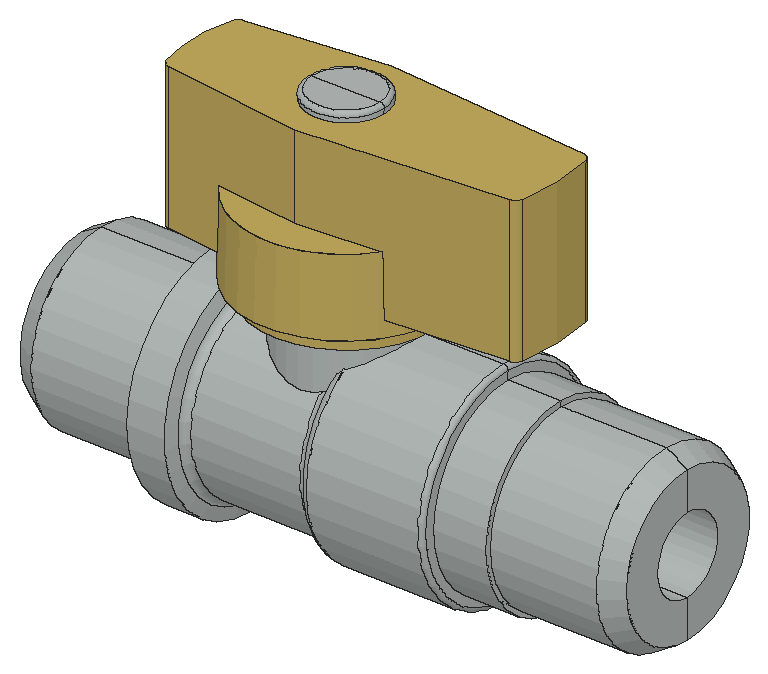
Revit family "QP21210000", category Apparecchi idraulici, Revit 2020
Family settings
  Quota connettore circolare = Usa diametro
  Tipo di parte = Normale
  Numero OmniClass = 23.45.00.00
  Titolo OmniClass = Sanitary, Laundry, and Cleaning Equipment
  Basato su piano di lavoro = No
  Sempre verticale = Sì
  Taglio con vuoti quando caricato = No
  Condiviso = No
  Punto di calcolo locali = No
Parameters
  URL = "https://web.cimberio.com/index.php/figura/134?subcategoria_id="
  Temperatura di esercizio = "-20 ÷ 60°C"
  Prospetto di default = 0 mm
  Produttore = "CIMBERIO SPA"
  Pressione nominale = "MOP 5"
  Modello = "Cim 171"
  Materiale = "Prodotto in lega di ottone conforme alla norma EN 12165-CW617N-DW"
  Descrizione = "Utilizzato nell’impiantistica distributiva di gas a bassa pressione per le categorie:\r\nGas naturali: gas derivati dal petrolio (Metano) e gas di ricambio.\r\nGas di città: prodotti secondo i diversi procedimenti (Cracking - Cokerie - ecc.).\r\nGas liquidi: propano e miscele di gas propano/butano."
  DN Model [instance] = QP21212102 : QP21212102
  DN [instance] = 15 mm
  Commenti sul tipo = "Realizzato in ottemperanza ai requisiti gestionali della norma EN ISO 9001.\r\nCollaudato al 100% secondo la normativa EN 12266-1"
Reference planes
  plane 1 "Centro (Fronte/Retro)": y = 0
  plane 2: z = 0
  plane 3 "Centro (Sinistra/Destra)": x = 0
Dimensions and locks
  aligned and locked: level to plane 2
Nested families
  nested 1: "QP21212102" at (0, 0, 0), type <- "DN Model", type "QP21212102"
  nested 2: "QP21212102" at (0, 0, 0), type <- "DN Model", type "QP21212102"
Connectors
  piping at (40.067, 0, 0), diameter 15, driven by "DN"
    settings: on nested 1, index 1, connector inside diameter 609.6 mm, connector length 0 mm, flow factor 0, pipe flow 0.0 L/s, pressure drop 0.0 Pa, fitting loss kfactor 0, connector angle 0.00°, fixture units 0, engagement length 0 mm, angle of deflection 0.00°, flow configuration 0, flow direction 0, fitting loss method 0, system type 7, joint type 0, gender type 0, connector reference index -1, connector utility 0, adjustable connector no, is connector primary yes, connector description ""
  piping at (-31.233, 0, 0), diameter 15, driven by "DN"
    settings: on nested 1, index 2, connector inside diameter 609.6 mm, connector length 0 mm, flow factor 0, pipe flow 0.0 L/s, pressure drop 0.0 Pa, fitting loss kfactor 0, connector angle 0.00°, fixture units 0, engagement length 0 mm, angle of deflection 0.00°, flow configuration 0, flow direction 0, fitting loss method 0, system type 7, joint type 0, gender type 0, connector reference index -1, connector utility 0, adjustable connector no, is connector primary no, connector description ""
Definition of nested family "QP21212102"
  Parameters (values of type "QP21212102")
    URL = ""
    Default Elevation = 0 mm
    Manufacturer = ""
    Model = ""
    Description = ""
    Type Comments = ""
  Reference planes
    plane 1 "Centro (Fronte/Retro)": y = 0
    plane 2: z = 0
    plane 3 "Centro (Sinistra/Destra)": x = 0
  Forms (mm)
    Revolve 1, solid
      sketch origin (0.744, 0, 1.406) x (1, 0, 0) y (0, 0, 1)
        loop
          line (11.146, 13.716) -> (10.988, 22.789) -> (-0.448, 22.789) -> (-0.448, 11.85) -> (9.552, 11.85) -> (9.552, 12.795) -> (11.146, 13.716)
        axis (-0.754, 11.85) -> (-0.754, 22.789)
      angle from 0 to 360
    Revolve 2, solid
      sketch origin (0.751, 0, 1.446) x (1, 0, 0) y (0, 0, 1)
        loop
          arc (3.746, 33.15) -> (3.6, 33.504) -> (3.246, 33.65) r 0.5
          line (3.246, 33.65) -> (-0.754, 33.65) -> (-0.754, 31.443) -> (3.746, 31.443) -> (3.746, 33.15)
        axis (-0.754, 33.65) -> (-0.754, 31.443)
      angle from 0 to 360
    Extrusion 3, solid
      sketch origin (1.758, 0, 1.45) x (1, 0, 0) y (0, 1, 0)
        loop
          arc (-19.114, 4.772) -> (-19.758, -0.042) -> (-19.091, -4.852) r 18
          arc (-19.091, -4.852) -> (-18.778, -5.343) -> (-18.244, -5.576) r 1
          line (-18.244, -5.576) -> (-1.755, -7.5) -> (21.908, -5.5)
          arc (21.908, -5.5) -> (22.493, -5.247) -> (22.806, -4.691) r 1
          arc (22.806, -4.691) -> (23.25, 0) -> (22.806, 4.691) r 25
          arc (22.806, 4.691) -> (22.489, 5.25) -> (21.897, 5.501) r 1
          line (21.897, 5.501) -> (-2.38, 7.425) -> (-18.27, 5.5)
          arc (-18.27, 5.5) -> (-18.802, 5.265) -> (-19.114, 4.772) r 1
      from 15.62 to 32.65
    Revolve 4, solid
      sketch origin (1.758, 0, 0) x (1, 0, 0) y (0, 0, 1)
        loop
          line (-0.754, 4.83) -> (7.416, 4.83) -> (7.416, 16.081) -> (-0.754, 16.081) -> (-0.754, 4.83)
        axis (-0.754, 16.081) -> (-0.754, 4.83)
      angle from 0 to 360
    Revolve 5, solid
      sketch origin (0, 0, 0) x (1, 0, 0) y (0, 0, 1)
        loop
          arc (18.459, -12.494) -> (18.88, -12.396) -> (19.067, -12.006) r 0.5
          line (19.067, -12.006) -> (18.995, -11.006) -> (25.323, -11.006) -> (25.323, -4.5) -> (-15.233, -4.5) -> (-15.233, -13.244) -> (-10.898, -13.244) -> (-10.494, -11.735)
          arc (-10.494, -11.735) -> (-10.137, -11.201) -> (-9.528, -10.994) r 1
          line (-9.528, -10.994) -> (3.324, -10.994)
          arc (3.324, -10.994) -> (3.824, -11.128) -> (4.19, -11.494) r 1
          arc (4.19, -11.494) -> (4.647, -12.133) -> (5.344, -12.494) r 1.682
          line (5.344, -12.494) -> (18.459, -12.494)
        axis (-15.233, 0) -> (25.323, 0)
      angle from 0 to 360
    Revolve 6, solid
      sketch origin (0, 0, 0) x (1, 0, 0) y (0, 0, 1)
        loop
          line (-15.233, 10.456) -> (-28.804, 10.456) -> (-31.233, 9.013) -> (-31.233, 4.5) -> (-15.233, 4.5) -> (-15.233, 10.456)
        axis (-31.233, 0) -> (-15.233, 0)
      angle from 0 to 360
    Revolve 7, solid
      sketch origin (9.067, 0, 0) x (-1, 0, 0) y (0, 0, 1)
        loop
          line (-15.233, 10.456) -> (-28.804, 10.456) -> (-31.233, 9.013) -> (-31.233, 4.5) -> (-15.233, 4.5) -> (-15.233, 10.456)
        axis (-31.233, 0) -> (-15.233, 0)
      angle from 0 to 360
  Dimensions and locks
    aligned and locked: level to plane 2
